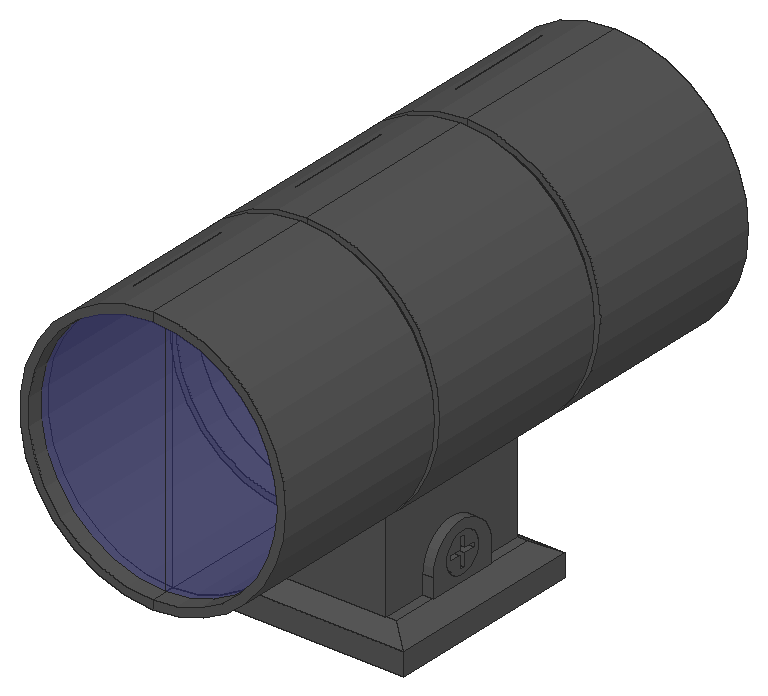
Revit family "CARLO CYLINDER LIGHT WALL MOUNT", category Lighting Fixtures, host Face, Revit 2020 (continued)
Types (10): name | Wattage_Input | Wattage Comments | Wattage | Photometric Web File | built-in parameter 1150142 | Model | built-in parameter 1150105 | Lumens | Light Length 1 | LIGHT RADIUS | LIGHT PLACEMENT | LIGHT LENGTH | LIGHT DIA | built-in parameter 1150106 | FIXED END HEIGHT | Curve base Height | Base Curve | BEAMING ANGLE | Apparent Load
  CCL3-09-10SPSW8-PC-25-WM-BK | 10 W | "6W/8W/10W" | 5.72229 W | "CCL3 10W 3000K 25° (up and down light).IES" | "IESNA:LM-63-2002\r\n[TEST] CCL3 10W 3000K 25¡ã (up and down light)\r\n[TESTLAB] EVERFINE\r\n[TESTDATE] 20270704\r\n[ISSUEDATE] 2024-07-05 01:00:20\r\n[NEARFIELD] \r\n[LAMPPOSITION] 0,0\r\n[OTHER] EVERFINE GO-2000_V1 SYSTEM\r\n[MANUFAC] Aboveall lighting\r\nTILT=NONE\r\n1 744.37 1 361 73 1 2 0.000 0.000 0.000\r\n1.000 1 9.39523\r\n0.0    0.5    1.0    1.5    2.0    2.5    3.0    3.5    4.0    4.5    \r\n 5.0    5.5    6.0    6.5    7.0    7.5    8.0    8.5    9.0    9.5    \r\n 10.0   10.5   11.0   11.5   12.0   12.5   13.0   13.5   14.0   14.5   \r\n 15.0   15.5   16.0   16.5   17.0   17.5   18.0   18.5   19.0   19.5   \r\n 20.0   20.5   21.0   21.5   22.0   22.5   23.0   23.5   24.0   24.5   \r\n 25.0   25.5   26.0   26.5   27.0   27.5   28.0   28.5   29.0   29.5   \r\n 30.0   30.5   31.0   31.5   32.0   32.5   33.0   33.5   34.0   34.5   \r\n 35.0   35.5   36.0   36.5   37.0   37.5   38.0   38.5   39.0   39.5   \r\n 40.0   40.5   41.0   41.5   42.0   42.5   43.0   43.5   44.0   44.5   \r\n 45.0   45.5   46.0   46.5   47.0   47.5   48.0   48.5   49.0   49.5   \r\n 50.0   50.5   51.0   51.5   52.0   52.5   53.0   53.5   54.0   54.5   \r\n 55.0   55.5   56.0   56.5   57.0   57.5   58.0   58.5   59.0   59.5   \r\n 60.0   60.5   61.0   61.5   62.0   62.5   63.0   63.5   64.0   64.5   \r\n 65.0   65.5   66.0   66.5   67.0   67.5   68.0   68.5   69.0   69.5   \r\n 70.0   70.5   71.0   71.5   72.0   72.5   73.0   73.5   74.0   74.5   \r\n 75.0   75.5   76.0   76.5   77.0   77.5   78.0   78.5   79.0   79.5   \r\n 80.0   80.5   81.0   81.5   82.0   82.5   83.0   83.5   84.0   84.5   \r\n 85.0   85.5   86.0   86.5   87.0   87.5   88.0   88.5   89.0   89.5   \r\n 90.0   90.5   91.0   91.5   92.0   92.5   93.0   93.5   94.0   94.5   \r\n 95.0   95.5   96.0   96.5   97.0   97.5   98.0   98.5   99.0   99.5   \r\n 100.0  100.5  101.0  101.5  102.0  102.5  103.0  103.5  104.0  104.5  \r\n 105.0  105.5  106.0  106.5  107.0  107.5  108.0  108.5  109.0  109.5  \r\n 110.0  110.5  111.0  111.5  112.0  112.5  113.0  113.5  114.0  114.5  \r\n 115.0  115.5  116.0  116.5  117.0  117.5  118.0  118.5  119.0  119.5  \r\n 120.0  120.5  121.0  121.5  122.0  122.5  123.0  123.5  124.0  124.5  \r\n 125.0  125.5  126.0  126.5  127.0  127.5  128.0  128.5  129.0  129.5  \r\n 130.0  130.5  131.0  131.5  132.0  132.5  133.0  133.5  134.0  134.5  \r\n 135.0  135.5  136.0  136.5  137.0  137.5  138.0  138.5  139.0  139.5  \r\n 140.0  140.5  141.0  141.5  142.0  142.5  143.0  143.5  144.0  144.5  \r\n 145.0  145.5  146.0  146.5  147.0  147.5  148.0  148.5  149.0  149.5  \r\n 150.0  150.5  151.0  151.5  152.0  152.5  153.0  153.5  154.0  154.5  \r\n 155.0  155.5  156.0  156.5  157.0  157.5  158.0  158.5  159.0  159.5  \r\n 160.0  160.5  161.0  161.5  162.0  162.5  163.0  163.5  164.0  164.5  \r\n 165.0  165.5  166.0  166.5  167.0  167.5  168.0  168.5  169.0  169.5  \r\n 170.0  170.5  171.0  171.5  172.0  172.5  173.0  173.5  174.0  174.5  \r\n 175.0  175.5  176.0  176.5  177.0  177.5  178.0  178.5  179.0  179.5  \r\n 180.0  \r\n0.0    5.0    10.0   15.0   20.0   25.0   30.0   35.0   40.0   45.0   \r\n 50.0   55.0   60.0   65.0   70.0   75.0   80.0   85.0   90.0   95.0   \r\n 100.0  105.0  110.0  115.0  120.0  125.0  130.0  135.0  140.0  145.0  \r\n 150.0  155.0  160.0  165.0  170.0  175.0  180.0  185.0  190.0  195.0  \r\n 200.0  205.0  210.0  215.0  220.0  225.0  230.0  235.0  240.0  245.0  \r\n 250.0  255.0  260.0  265.0  270.0  275.0  280.0  285.0  290.0  295.0  \r\n 300.0  305.0  310.0  315.0  320.0  325.0  330.0  335.0  340.0  345.0  \r\n 350.0  355.0  360.0  \r\n1448.4 1448.2 1441.8 1430.8 1416.1 1398.1 1378 1357.2 1334.7 1310.2 \r\n 1283.2 1253.2 1219.1 1179.5 1135.9 1089.4 1041.1 992.48 943.23 893.44 \r\n 843.23 792.53 742.08 692.67 644.09 596.02 549.5 505.54 463.97 424.97 \r\n 388.51 354.44 323.25 295.38 270.8 249.82 231.88 216.68 203.81 192.76 \r\n 183.49 175.9 169.6 164.18 159.56 155.59 152.17 149.17 146.56 144.32 \r\n 142.35 140.54 138.97 137.78 136.76 135.74 134.73 133.69 132.65 131.66 \r\n 130.75 129.98 129.27 128.55 127.8 127.06 126.18 125.02 123.61 122.09 \r\n 119.92 116.47 112.14 107.15 101.53 95.303 88.682 81.914 74.893 67.528 \r\n 60.023 52.434 45.113 38.552 32.387 26.08 20.643 17.155 14.875 13.603 \r\n 12.798 11.79 10.771 9.6984 8.6042 7.4628 6.4006 5.5192 4.8669 4.6101 \r\n 4.4955 4.2965 4.0993 3.9158 3.7421 3.5784 3.4251 3.2846 3.1521 3.0269 \r\n 2.8994 2.7573 2.6073 2.4455 2.291 2.175 2.0577 1.8954 1.7301 1.5968 \r\n 1.4729 1.3482 1.2211 1.0781 0.94488 0.85382 0.77129 0.66528 0.56334 0.48537 \r\n 0.42228 0.37212 0.33352 0.30621 0.28498 0.26313 0.24482 0.23342 0.22456 0.21602 \r\n 0.20849 0.20245 0.19643 0.1887 0.18048 0.17248 0.16446 0.15644 0.14843 0.14041 \r\n 0.1324 0.12414 0.11637 0.11008 0.1043 0.098534 0.092278 0.084289 0.076294 0.070262 \r\n 0.064229 0.056235 0.048243 0.041466 0.036179 0.034131 0.032101 0.026637 0.020181 0.013929 \r\n 0.0081593 0.0033822 0.000096 0 0 0 0 0 0 0 \r\n 0 0 0 0 0 0 0 0 0 0 \r\n 0 0 0 0 0 0.0014816 0.0039591 0.0074417 0.011926 0.016423 \r\n 0.023902 0.040049 0.055734 0.061362 0.064014 0.06779 0.072028 0.077767 0.084008 0.090018 \r\n 0.096029 0.10178 0.10802 0.11576 0.124 0.13176 0.14003 0.15002 0.16001 0.16805 \r\n 0.17609 0.18584 0.19608 0.20585 0.21612 0.22564 0.24011 0.26772 0.29983 0.32565 \r\n 0.35994 0.41502 0.48747 0.59085 0.70238 0.79244 0.89502 1.0485 1.2101 1.3426 \r\n 1.4672 1.5886 1.7198 1.8885 2.0554 2.1742 2.293 2.4562 2.6284 2.7893 \r\n 2.9373 3.0555 3.1705 3.3076 3.4545 3.6065 3.7659 3.9328 4.1101 4.3054 \r\n 4.5062 4.6855 4.895 5.1283 5.5332 6.318 7.2951 8.3385 9.4704 10.7 \r\n 11.94 12.918 14.198 16.178 19.074 23.376 28.662 34.792 41.413 48.069 \r\n 54.937 62.092 69.387 76.731 84.028 91.246 98.104 104.21 109.86 115.5 \r\n 120.28 123.22 125.16 126.55 127.61 128.73 129.75 130.58 131.38 132.3 \r\n 133.27 134.23 135.21 136.24 137.3 138.39 139.53 140.71 142.03 143.55 \r\n 145.27 147.16 149.4 152.13 155.35 159.05 163.34 168.26 174.05 180.92 \r\n 189 197.76 209.46 227.61 248.04 267.4 286.78 304.52 325.53 355.67 \r\n 390.42 426.91 465.97 507.76 551.47 596.23 642.51 690.9 740.25 789.45 \r\n 839.01 889.37 939.73 989.72 1038.6 1085.9 1130.1 1169.2 1204.2 1235.3 \r\n 1263.4 1289.2 1313.7 1338.5 1362.4 1385 1405.6 1423.5 1437.6 1446.3 \r\n 1452.3 \r\n1448.4 1447.7 1441.1 1429.8 1414.8 1396.8 1376.7 1356.1 1333.7 1309 \r\n 1281.5 1251.2 1217 1177.1 1133.3 1086.8 1038.5 989.6 940.02 890.16 \r\n 839.98 789.32 738.93 689.6 641.1 593.09 546.68 502.94 461.61 422.81 \r\n 386.5 352.33 321.44 295.32 272.48 251.84 233.57 217.36 203.52 192.53 \r\n 183.56 176.01 169.71 164.3 159.71 155.75 152.35 149.38 146.8 144.57 \r\n 142.6 140.78 139.21 138.01 136.97 135.9 134.85 133.8 132.76 131.76 \r\n 130.82 130.03 129.28 128.54 127.78 127.01 126.11 124.97 123.57 122.04 \r\n 119.82 116.23 111.77 106.72 101.08 94.82 88.155 81.279 74.188 66.931 \r\n 59.541 51.918 44.508 37.82 31.566 25.342 20.007 16.499 14.191 12.982 \r\n 12.228 11.145 10.058 9.0435 8.0638 7.0785 6.1756 5.4142 4.8411 4.5926 \r\n 4.4595 4.2502 4.0479 3.8789 3.7229 3.5667 3.4159 3.2714 3.1349 3.014 \r\n 2.8915 2.7494 2.5977 2.4337 2.2779 2.1644 2.05 1.8885 1.7232 1.589 \r\n 1.4638 1.3374 1.2091 1.0669 0.93434 0.84142 0.75687 0.65067 0.54914 0.47155 \r\n 0.40904 0.3597 0.32201 0.29558 0.27514 0.25384 0.23607 0.22566 0.21748 0.20794 \r\n 0.19916 0.19266 0.18671 0.17993 0.17266 0.16467 0.15628 0.1475 0.13896 0.13166 \r\n 0.12451 0.11631 0.1085 0.10247 0.097208 0.092647 0.087223 0.078332 0.069028 0.062201 \r\n 0.055737 0.047962 0.040439 0.03403 0.029156 0.027542 0.026132 0.021745 0.016483 0.011273 \r\n 0.0064697 0.0026517 0.000076 0 0 0 0 0 0 0 \r\n 0 0 0 0 0 0 0 0 0 0.0018719 \r\n 0.0038155 0.004198 0.0043893 0.0052342 0.006676 0.0089349 0.012025 0.016145 0.020958 0.025149 \r\n 0.03185 0.046492 0.06087 0.066518 0.06966 0.073965 0.078637 0.084251 0.090366 0.096823 \r\n 0.10335 0.10938 0.11569 0.1231 0.13099 0.13872 0.1471 0.15741 0.16755 0.17485 \r\n 0.18226 0.19259 0.20364 0.21385 0.22503 0.23746 0.2542 0.28005 0.31003 0.33701 \r\n 0.37219 0.42356 0.49362 0.59487 0.70529 0.7974 0.9001 1.0439 1.1964 1.3319 \r\n 1.4614 1.5815 1.7108 1.8803 2.0499 2.1762 2.3 2.4555 2.619 2.7814 \r\n 2.934 3.0569 3.1752 3.3096 3.453 3.6051 3.7662 3.9368 4.1164 4.306 \r\n 4.501 4.6815 4.8944 5.1316 5.5381 6.3144 7.2858 8.3478 9.4913 10.691 \r\n 11.891 12.863 14.094 15.888 18.559 22.663 27.778 33.782 40.337 47.031 \r\n 53.974 61.19 68.533 75.901 83.181 90.286 97.044 103.18 108.91 114.66 \r\n 119.61 122.83 125.03 126.53 127.6 128.69 129.67 130.5 131.32 132.25 \r\n 133.22 134.16 135.11 136.13 137.18 138.25 139.37 140.55 141.84 143.3 \r\n 144.94 146.8 148.98 151.59 154.67 158.24 162.39 167.15 172.77 179.5 \r\n 187.44 196.14 207.52 224.42 243.58 262.37 281.67 300.14 321.87 351.81 \r\n 386.02 421.96 460.45 501.71 545.05 589.81 636.15 684.35 733.46 782.46 \r\n 831.83 881.89 932.02 982.01 1031 1078.3 1122.8 1162.6 1198.4 1229.7 \r\n 1258 1284.1 1308.9 1333.6 1357.6 1380.8 1402.1 1420.5 1435.3 1445 \r\n 1452.3 \r\n1448.4 1447.2 1440.3 1428.8 1413.7 1395.7 1375.7 1355.2 1332.9 1307.8 \r\n 1279.8 1249.3 1214.9 1174.7 1130.9 1084.6 1036.5 987.32 937.45 887.54 \r\n 837.39 786.77 736.44 687.15 638.7 590.78 544.5 500.97 459.87 421.21 \r\n 385.01 350.7 320.08 295.79 274.77 254.58 235.99 218.54 203.48 192.47 \r\n 183.79 176.25 169.91 164.5 159.91 155.96 152.58 149.64 147.1 144.87 \r\n 142.89 141.07 139.5 138.28 137.22 136.1 135.01 133.95 132.92 131.9 \r\n 130.94 130.1 129.31 128.54 127.75 126.95 126.02 124.89 123.51 121.96 \r\n 119.7 116 111.42 106.3 100.6 94.298 87.577 80.552 73.351 66.189 \r\n 58.919 51.292 43.822 36.996 30.64 24.516 19.297 15.734 13.353 12.186 \r\n 11.473 10.314 9.1664 8.2191 7.3724 6.5752 5.8696 5.2691 4.8073 4.5714 \r\n 4.4149 4.1949 3.9877 3.8344 3.6981 3.552 3.4059 3.2579 3.117 2.9999 \r\n 2.8822 2.7412 2.589 2.4227 2.265 2.1529 2.041 1.8819 1.7179 1.5817 \r\n 1.4537 1.3256 1.1964 1.0555 0.9236 0.8271 0.73898 0.63325 0.53318 0.45594 \r\n 0.39379 0.34538 0.30871 0.28298 0.26315 0.24234 0.22513 0.21584 0.20843 0.1977 \r\n 0.18739 0.1802 0.17413 0.16833 0.16212 0.15425 0.14558 0.13609 0.12711 0.12069 \r\n 0.11457 0.10643 0.098565 0.092913 0.088279 0.084983 0.080416 0.070637 0.059961 0.052067 \r\n 0.044924 0.037397 0.030467 0.02454 0.020192 0.019054 0.018359 0.015336 0.011634 0.0078547 \r\n 0.0043752 0.0017628 0.000051 0 0 0 0 0 0 0 \r\n 0 0 0 0 0 0 0 0 0 0.0042716 \r\n 0.0087337 0.0097146 0.010258 0.012518 0.015491 0.018805 0.022712 0.027536 0.03268 0.036625 \r\n 0.042471 0.055074 0.06766 0.073437 0.077316 0.08219 0.087325 0.092946 0.099068 0.106 \r\n 0.11309 0.11957 0.12611 0.13316 0.1406 0.14825 0.15667 0.16718 0.17735 0.18392 \r\n 0.19075 0.20162 0.21347 0.22427 0.23663 0.25249 0.27184 0.29544 0.32287 0.35182 \r\n 0.38876 0.43739 0.50368 0.60205 0.71084 0.80585 0.90912 1.041 1.1823 1.3214 \r\n 1.457 1.5754 1.7023 1.8724 2.0449 2.1799 2.3095 2.4554 2.6085 2.773 \r\n 2.9314 3.06 3.1822 3.3137 3.4531 3.6049 3.7668 3.9394 4.1191 4.3011 \r\n 4.4892 4.6725 4.8897 5.1297 5.5298 6.2727 7.2112 8.2747 9.4161 10.573 \r\n 11.72 12.677 13.851 15.454 17.893 21.784 26.706 32.538 38.992 45.736 \r\n 52.78 60.067 67.46 74.842 82.099 89.101 95.783 102 107.87 113.72 \r\n 118.81 122.33 124.83 126.43 127.53 128.58 129.5 130.35 131.19 132.14 \r\n 133.11 134.02 134.96 135.96 137.01 138.05 139.14 140.32 141.59 142.98 \r\n 144.55 146.37 148.5 150.98 153.91 157.34 161.35 165.92 171.36 177.95 \r\n 185.73 194.41 205.4 220.75 238.3 256.4 275.66 295.16 317.9 347.63 \r\n 381.24 416.59 454.49 495.2 538.17 582.96 629.39 677.34 726.15 774.96 \r\n 824.14 873.94 923.87 973.87 1022.9 1070.3 1115.1 1155.7 1192.3 1223.9 \r\n 1252.3 1278.8 1303.8 1328.5 1352.6 1376.4 1398.4 1417.5 1432.9 1443.6 \r\n 1452.3 \r\n1448.4 1446.7 1439.5 1427.7 1412.6 1394.6 1374.6 1354.3 1332 1306.3 \r\n 1277.9 1247.1 1212.5 1172.1 1128.2 1082.3 1034.5 985.16 935.05 885.1 \r\n 834.97 784.39 734.11 684.83 636.42 588.61 542.49 499.19 458.3 419.77 \r\n 383.67 349.23 318.89 296.32 277.02 257.33 238.5 219.81 203.51 192.46 \r\n 184.05 176.49 170.1 164.68 160.1 156.15 152.79 149.89 147.39 145.16 \r\n 143.18 141.37 139.8 138.56 137.47 136.32 135.19 134.12 133.09 132.06 \r\n 131.08 130.19 129.35 128.55 127.73 126.88 125.93 124.82 123.45 121.88 \r\n 119.56 115.77 111.09 105.87 100.07 93.728 86.946 79.749 72.412 65.325 \r\n 58.168 50.569 43.075 36.124 29.673 23.669 18.579 14.958 12.496 11.353 \r\n 10.667 9.4407 8.2429 7.3595 6.6402 6.032 5.5293 5.1059 4.771 4.5496 \r\n 4.3679 4.1381 3.9267 3.7883 3.6707 3.5355 3.3953 3.2447 3.1 2.9856 \r\n 2.8718 2.7322 2.5802 2.4122 2.2529 2.1412 2.0306 1.8748 1.7131 1.5745 \r\n 1.4432 1.3132 1.1833 1.0441 0.9132 0.81209 0.71945 0.61478 0.51701 0.44031 \r\n 0.37853 0.33115 0.29551 0.27032 0.25088 0.23049 0.21384 0.2057 0.19908 0.18708 \r\n 0.17513 0.16712 0.16083 0.15591 0.15071 0.14304 0.13421 0.12416 0.11486 0.10936 \r\n 0.10429 0.096214 0.088302 0.083055 0.079061 0.076905 0.073103 0.062589 0.050691 0.041612 \r\n 0.033647 0.026404 0.020138 0.014733 0.010919 0.010187 0.010149 0.0085267 0.006476 0.0042876 \r\n 0.002277 0.00089106 0.000027 0 0 0 0 0 0 0 \r\n 0 0 0 0 0 0 0 0 0 0.0067723 \r\n 0.013873 0.015535 0.016501 0.020242 0.024813 0.029282 0.03408 0.039577 0.045021 0.048809 \r\n 0.053863 0.064286 0.074939 0.080906 0.085611 0.091024 0.096589 0.10228 0.10848 0.11584 \r\n 0.12347 0.13057 0.13749 0.14414 0.15104 0.15861 0.16706 0.1776 0.18768 0.1937 \r\n 0.2001 0.21134 0.22383 0.23533 0.249 0.26828 0.29018 0.31143 0.33633 0.36759 \r\n 0.40667 0.45274 0.51531 0.61061 0.71763 0.81593 0.92005 1.0393 1.1689 1.312 \r\n 1.454 1.5705 1.6946 1.8653 2.0408 2.1845 2.3198 2.4558 2.5984 2.7653 \r\n 2.9299 3.0644 3.1904 3.3193 3.4548 3.6061 3.7683 3.9416 4.12 4.2939 \r\n 4.475 4.6625 4.8846 5.1274 5.5167 6.2109 7.0987 8.1506 9.2794 10.386 \r\n 11.475 12.41 13.523 14.941 17.151 20.824 25.542 31.189 37.534 44.34 \r\n 51.496 58.849 66.284 73.674 80.909 87.826 94.461 100.8 106.83 112.75 \r\n 117.95 121.78 124.58 126.3 127.43 128.44 129.31 130.17 131.03 131.99 \r\n 132.96 133.86 134.78 135.78 136.81 137.83 138.89 140.06 141.32 142.64 \r\n 144.14 145.93 148 150.37 153.14 156.43 160.29 164.69 169.95 176.39 \r\n 184.03 192.68 203.28 217.01 232.9 250.27 269.49 290.09 313.92 343.44 \r\n 376.43 411.22 448.55 488.74 531.32 576.15 622.66 670.36 718.84 767.47 \r\n 816.5 866.07 915.83 965.84 1015 1062.5 1107.4 1148.8 1186.3 1218.2 \r\n 1246.8 1273.5 1298.7 1323.4 1347.6 1372 1394.8 1414.5 1430.6 1442.3 \r\n 1452.3 \r\n1448.4 1446 1438.4 1426.4 1411.2 1393.2 1373.3 1352.9 1330.4 1304.3 \r\n 1275.3 1244.2 1209.5 1168.9 1125 1079.5 1032 982.66 932.37 882.38 \r\n 832.26 781.7 731.44 682.15 633.77 586.13 540.22 497.15 456.47 418.08 \r\n 382.1 347.63 317.58 296.44 278.6 259.41 240.46 220.77 203.43 192.38 \r\n 184.2 176.62 170.19 164.77 160.2 156.26 152.91 150.06 147.6 145.38 \r\n 143.4 141.61 140.05 138.81 137.68 136.5 135.35 134.28 133.24 132.21 \r\n 131.22 130.28 129.4 128.56 127.71 126.82 125.84 124.75 123.39 121.78 \r\n 119.4 115.52 110.74 105.4 99.487 93.099 86.26 78.887 71.405 64.361 \r\n 57.299 49.758 42.286 35.248 28.734 22.866 17.921 14.273 11.752 10.62 \r\n 9.9452 8.669 7.4363 6.5987 5.9778 5.5275 5.2015 4.9468 4.7375 4.5303 \r\n 4.3247 4.0875 3.8732 3.7464 3.6436 3.5184 3.3845 3.2327 3.0852 2.9721 \r\n 2.8603 2.7219 2.5707 2.4023 2.2422 2.1295 2.0189 1.8664 1.7076 1.5671 \r\n 1.4328 1.3008 1.17 1.0331 0.90367 0.79763 0.70014 0.59701 0.50219 0.4264 \r\n 0.36524 0.31898 0.28433 0.25948 0.24022 0.22016 0.20401 0.19695 0.19105 0.17785 \r\n 0.16435 0.1555 0.14892 0.14467 0.14031 0.13288 0.12405 0.11365 0.10419 0.099557 \r\n 0.095407 0.087391 0.079432 0.074554 0.071101 0.069776 0.066528 0.055575 0.042813 0.032589 \r\n 0.023766 0.016844 0.011266 0.0063427 0.0029689 0.0024625 0.0028662 0.0024314 0.0018502 0.0011852 \r\n 0.00057614 0.00021222 0.000007 0 0 0 0 0 0 0 \r\n 0 0 0 0 0 0 0 0 0.000096 0.0090015 \r\n 0.018353 0.020638 0.022016 0.027043 0.033009 0.038554 0.044189 0.050233 0.055907 0.059658 \r\n 0.064123 0.07262 0.081544 0.087713 0.093173 0.099024 0.10492 0.11069 0.11695 0.12463 \r\n 0.13271 0.14055 0.14799 0.15423 0.16056 0.16809 0.17658 0.18695 0.19682 0.20258 \r\n 0.20883 0.22019 0.233 0.24523 0.26022 0.28239 0.3064 0.32561 0.34836 0
